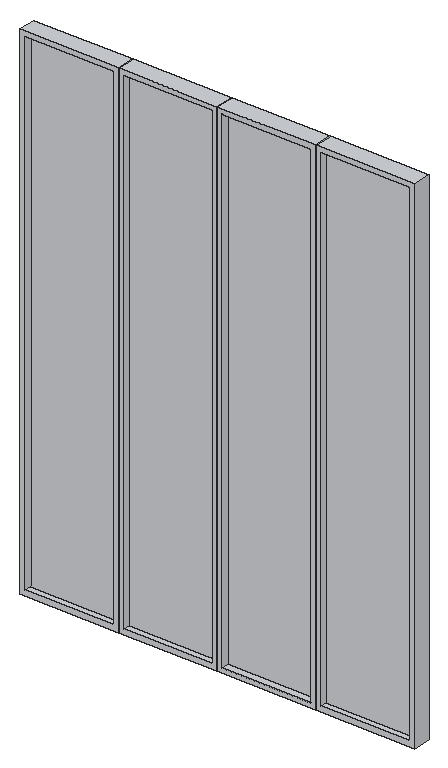
Revit family "DOOR_Double Glass Bifold_Curtain Wall", category Doors, Revit 2024
Family settings
  OmniClass Number = 23.30.10.00
  OmniClass Title = Doors
  Always vertical = Yes
  Cut with Voids When Loaded = No
  Shared = No
  Room Calculation Point = No
Parameters
  Thickness = 75.00 mm
  Offset_Positive = if(CWPL_$Offset > 0.00 mm, abs(CWPL_$Offset), 0.00 mm)  # 0.00 mm
  Offset_Negative [instance] = if(CWPL_$Offset < 0.00 mm, abs(CWPL_$Offset), 0.00 mm)  # 0.00 mm
  Leaf_Width [instance] = CWPL_$Width / 2  # 831.877 mm
  Glass_Thickness = 12.00 mm
  Glass_Offset = 30.00 mm
  Function = Interior
  Frame_Width = 20.00 mm
  EA_Repath [instance] = 0.00 mm
  Door_Angle [instance] = 45.00°
  Define Thermal Properties by = Schematic Type
  CWPL_$Width [instance] = 1663.754 mm
  CWPL_$Offset = 0.00 mm
  CWPL_$Height [instance] = 2133.60 mm
  Analytic Construction = "<None>"
Reference planes
  plane 1 "Center (Front/Back)": y = 0
  plane 2: z = 0
  plane 3 "Center (Left/Right)": x = 0
  plane 4: x = -831.877
  plane 5: x = 831.877
  plane 6 "Top": z = 2133.6
  plane 7 "Host": y = 0
  plane 8 "2": y = 0
  plane 9: x = -415.938
  plane 10: x = 415.938
  plane 11: y = -75
  plane 12 "Glass Face": y = -45
  plane 13: y = -33
  plane 14: z = 1066.8
Forms (mm)
  Extrusion 1, solid
    sketch origin (0, 0, 0) x (-1, 0, 0) y (0, 0, 1)
      loop
        line (-831.877, 2133.6) -> (-831.877, 0) -> (-415.938, 0) -> (-415.938, 2133.6) -> (-831.877, 2133.6)
      loop
        line (-811.877, 2113.6) -> (-811.877, 20) -> (-435.938, 20) -> (-435.938, 2113.6) -> (-811.877, 2113.6)
    from 0 to -75
  Extrusion 2, solid
    sketch origin (0, 0, 0) x (-1, 0, 0) y (0, 0, 1)
      loop
        line (-415.938, 2133.6) -> (-415.938, 0) -> (0, 0) -> (0, 2133.6) -> (-415.938, 2133.6)
      loop
        line (-395.938, 2113.6) -> (-395.938, 20) -> (-20, 20) -> (-20, 2113.6) -> (-395.938, 2113.6)
    from 0 to -75
  Extrusion 3, solid
    sketch origin (0, 0, 0) x (-1, 0, 0) y (0, 0, 1)
      loop
        line (0, 0) -> (415.938, 0) -> (415.938, 2133.6) -> (0, 2133.6) -> (0, 0)
      loop
        line (395.938, 2113.6) -> (20, 2113.6) -> (20, 20) -> (395.938, 20) -> (395.938, 2113.6)
    from 0 to -75
  Extrusion 4, solid
    sketch origin (0, 0, 0) x (-1, 0, 0) y (0, 0, 1)
      loop
        line (831.877, 2133.6) -> (415.938, 2133.6) -> (415.938, 0) -> (831.877, 0) -> (831.877, 2133.6)
      loop
        line (435.938, 2113.6) -> (435.938, 20) -> (811.877, 20) -> (811.877, 2113.6) -> (435.938, 2113.6)
    from 0 to -75
  Extrusion 5, solid
    sketch origin (0, -45, 0) x (-1, 0, 0) y (0, 0, 1)
      loop
        line (-811.877, 2113.6) -> (-811.877, 20) -> (-435.938, 20) -> (-435.938, 2113.6) -> (-811.877, 2113.6)
      loop
        line (-20, 2113.6) -> (-395.938, 2113.6) -> (-395.938, 20) -> (-20, 20) -> (-20, 2113.6)
      loop
        line (395.938, 20) -> (395.938, 2113.6) -> (20, 2113.6) -> (20, 20) -> (395.938, 20)
      loop
        line (811.877, 2113.6) -> (435.938, 2113.6) -> (435.938, 20) -> (811.877, 20) -> (811.877, 2113.6)
    from 0 to 12
Lines and regions (mm)
  symbolic lines, style "Elevation Swing"
    curve 1: line (0, -45, 2133.6) -> (415.938, -45, 1066.8)
    curve 2: line (415.938, -45, 1066.8) -> (0, -45, 0)
    curve 3: line (415.938, -45, 2133.6) -> (831.877, -45, 1066.8)
    curve 4: line (831.877, -45, 1066.8) -> (415.938, -45, 0)
    curve 5: line (0, -45, 2133.6) -> (-415.938, -45, 1066.8)
    curve 6: line (-415.938, -45, 1066.8) -> (0, -45, 0)
    curve 7: line (-415.938, -45, 2133.6) -> (-831.877, -45, 1066.8)
    curve 8: line (-831.877, -45, 1066.8) -> (-415.938, -45, 0)
  symbolic lines, not visible
    curve 9: line (540.113, 455, 1165.715) -> (680.113, 455, 1165.715)
    curve 10: line (680.113, 455, 1165.715) -> (651.829, 455, 1193.999)
    curve 11: line (680.113, 455, 1165.715) -> (651.829, 455, 1137.431)
  symbolic lines
    curve 12: line (553.908, 455, 1066.8) -> (693.908, 455, 1066.8)
    curve 13: line (693.908, 455, 1066.8) -> (665.623, 455, 1095.084)
    curve 14: line (693.908, 455, 1066.8) -> (665.623, 455, 1038.516)
    curve 15: line (137.969, 455, 1066.8) -> (277.969, 455, 1066.8)
    curve 16: line (277.969, 455, 1066.8) -> (249.685, 455, 1095.084)
    curve 17: line (277.969, 455, 1066.8) -> (249.685, 455, 1038.516)
    curve 18: line (-553.908, 455, 1066.8) -> (-693.908, 455, 1066.8)
    curve 19: line (-693.908, 455, 1066.8) -> (-665.623, 455, 1095.084)
    curve 20: line (-693.908, 455, 1066.8) -> (-665.623, 455, 1038.516)
    curve 21: line (-137.969, 455, 1066.8) -> (-277.969, 455, 1066.8)
    curve 22: line (-277.969, 455, 1066.8) -> (-249.685, 455, 1095.084)
    curve 23: line (-277.969, 455, 1066.8) -> (-249.685, 455, 1038.516)
  symbolic lines, style "InvisibleLines"
    curve 24: line (623.908, 455, 1066.8) -> (623.908, 455, 1080.231)
    curve 26: line (207.969, 455, 1066.8) -> (207.969, 455, 1080.231)
    curve 27: line (-623.908, 455, 1066.8) -> (-623.908, 455, 1080.231)
    curve 28: line (-207.969, 455, 1066.8) -> (-207.969, 455, 1080.231)
  symbolic lines, style "InvisibleLines", not visible
    curve 25: line (610.113, 455, 1165.715) -> (610.113, 455, 1179.146)
Text (mm)
  text "Exterior" at (-1161.5, 797.241, 0), in view "Ref. Level"
  text "WORKPLANE = HOST" at (949.305, 281.209, 0), in view "Ref. Level"
Dimensions and locks
  equal spacing: plane 4, plane 3 "Center (Left/Right)", plane 5
  "Offset_Negative": plane 8 "2" to plane 1 "Center (Front/Back)"
  "Offset_Positive": plane 7 "Host" to plane 8 "2"
  "CWPL_$Width": plane 4 to plane 5
  "CWPL_$Height": plane 2 to plane 6 "Top"
  equal spacing: plane 4, plane 9, plane 3 "Center (Left/Right)"
  equal spacing: plane 3 "Center (Left/Right)", plane 10, plane 5
  "Thickness": plane 7 "Host" to plane 11
  "Frame_Width": Extrusion 1 sketch curve to plane 5
  "Frame_Width": plane 10 to Extrusion 1 sketch curve
  "Frame_Width": Extrusion 1 sketch curve to plane 6 "Top"
  "Frame_Width": nested 1 to Extrusion 1 sketch curve
  "Frame_Width": Extrusion 2 sketch curve to plane 10
  "Frame_Width": Extrusion 2 sketch curve to plane 3 "Center (Left/Right)"
  "Frame_Width": plane 2 to Extrusion 2 sketch curve
  "Frame_Width": Extrusion 2 sketch curve to plane 6 "Top"
  "Frame_Width": plane 3 "Center (Left/Right)" to Extrusion 3 sketch curve
  "Frame_Width": plane 9 to Extrusion 3 sketch curve
  "Frame_Width": Extrusion 3 sketch curve to plane 6 "Top"
  "Frame_Width": plane 2 to Extrusion 3 sketch curve
  "Frame_Width": plane 4 to Extrusion 4 sketch curve
  "Frame_Width": plane 9 to Extrusion 4 sketch curve
  "Frame_Width": Extrusion 4 sketch curve to plane 6 "Top"
  "Frame_Width": plane 2 to Extrusion 4 sketch curve
  "Glass_Offset": plane 12 "Glass Face" to plane 11
  "Glass_Thickness": plane 13 to plane 12 "Glass Face"
  equal spacing: plane 2, plane 14, plane 6 "Top"
  equal spacing: plane 10, curve 24, plane 5
  equal spacing: nested 1, curve 26, plane 3 "Center (Left/Right)"
  equal spacing: plane 3 "Center (Left/Right)", curve 28, plane 9
  equal spacing: plane 9, curve 27, plane 4
  aligned and locked: level to plane 2
  aligned and locked: nested 1 to plane 7 "Host"
  aligned and locked: nested 1 to plane 10
  aligned and locked: nested 2 to plane 9
  aligned and locked: plane 6 "Top" to Extrusion 1 sketch curve
  aligned and locked: plane 2 to Extrusion 1 sketch curve
  aligned and locked: plane 5 to Extrusion 1 sketch curve
  aligned and locked: Extrusion 1 sketch curve to plane 10
  aligned and locked: plane 10 to Extrusion 2 sketch curve
  aligned and locked: Extrusion 2 sketch curve to plane 3 "Center (Left/Right)"
  aligned and locked: plane 2 to Extrusion 2 sketch curve
  aligned and locked: plane 6 "Top" to Extrusion 2 sketch curve
  aligned and locked: Extrusion 3 sketch curve to plane 2
  aligned and locked: Extrusion 3 sketch curve to plane 6 "Top"
  aligned and locked: Extrusion 3 sketch curve to plane 3 "Center (Left/Right)"
  aligned and locked: Extrusion 3 sketch curve to plane 9
  aligned and locked: plane 9 to Extrusion 4 sketch curve
  aligned and locked: plane 4 to Extrusion 4 sketch curve
  aligned and locked: Extrusion 4 sketch curve to plane 6 "Top"
  aligned and locked: Extrusion 4 sketch curve to plane 2
  aligned and locked: Extrusion 1 to plane 11
  aligned and locked: Extrusion 2 to plane 11
  aligned and locked: Extrusion 3 to plane 11
  aligned and locked: Extrusion 4 to plane 11
  aligned and locked: Extrusion 5 sketch curve to Extrusion 1  (x4)
  aligned and locked: Extrusion 5 sketch curve to Extrusion 2  (x4)
  aligned and locked: Extrusion 5 sketch curve to Extrusion 3  (x4)
  aligned and locked: Extrusion 5 sketch curve to Extrusion 4  (x4)
  aligned and locked: plane 13 to Extrusion 5
  aligned and locked: plane 14 to curve 12
  aligned and locked: plane 14 to curve 15
  aligned and locked: curve 21 to plane 14
  aligned and locked: curve 18 to plane 14
  aligned and locked: plane 7 "Host" to nested 2
Automatic sketch dimensions
  plane 5 to curve 3 = 0.00 mm
  curve 3 to plane 6 "Top" = 0.00 mm
  plane 10 to curve 3 = 0.00 mm
  plane 10 to curve 1 = 0.00 mm
  curve 4 to level = 0.00 mm
  plane 10 to curve 4 = 0.00 mm
  curve 6 to level = 0.00 mm
  curve 6 to plane 3 "Center (Left/Right)" = 0.00 mm
  plane 3 "Center (Left/Right)" to curve 5 = 0.00 mm
  curve 5 to plane 9 = 0.00 mm
  curve 7 to plane 6 "Top" = 0.00 mm
  curve 7 to plane 9 = 0.00 mm
  curve 8 to level = 0.00 mm
  curve 8 to plane 9 = 0.00 mm
  plane 4 to curve 7 = 0.00 mm
  curve 3 to plane 14 = 0.00 mm
  curve 2 to plane 14 = 0.00 mm
  curve 8 to plane 14 = 0.00 mm
  curve 5 to plane 14 = 0.00 mm
  curve 5 to plane 6 "Top" = 0.00 mm
  curve 24 to curve 24 = 13.431 mm
  curve 25 to curve 25 = 13.431 mm
  curve 26 to curve 26 = 13.431 mm
  curve 27 to curve 27 = 13.431 mm
  curve 28 to curve 28 = 13.431 mm
Nested families
  nested 1: "Nest_Action_Bifold_Glass" at (415.938, 0, 0), Door_Width <- "Leaf_Width", Frame_Width <- "Frame_Width", Glass_Offset <- "Glass_Offset", Glass_Thickness <- "Glass_Thickness", Door_Leaf_Thickness <- "Thickness", Door_Leaf_Swing_Angle <- "Door_Angle", Door_Height <- "CWPL_$Height", type "Nest_Action_Bifold_Glass"
    with Offset_Y 53.033 mm, Offset_X 53.033 mm, Glass_Thickness 12.00 mm, Glass_Offset 30.00 mm, Frame_Width 20.00 mm, Door_Width 831.877 mm, Door_Leaf_Thickness 75.00 mm, Door_Leaf_Swing_Angle 45.00°, Door_Height 2133.60 mm
  nested 2: "Nest_Action_Bifold_Glass" at (-415.938, 0, 0) x (-1, 0, 0) z (0, 0, 1), Door_Width <- "Leaf_Width", Frame_Width <- "Frame_Width", Glass_Offset <- "Glass_Offset", Glass_Thickness <- "Glass_Thickness", Door_Leaf_Thickness <- "Thickness", Door_Leaf_Swing_Angle <- "Door_Angle", Door_Height <- "CWPL_$Height", type "Nest_Action_Bifold_Glass"
    with Offset_Y 53.033 mm, Offset_X 53.033 mm, Glass_Thickness 12.00 mm, Glass_Offset 30.00 mm, Frame_Width 20.00 mm, Door_Width 831.877 mm, Door_Leaf_Thickness 75.00 mm, Door_Leaf_Swing_Angle 45.00°, Door_Height 2133.60 mm
Definition of nested family "Nest_Action_Bifold_Glass"
  Parameters (values of type "Nest_Action_Bifold_Glass")
    Offset_Y [instance] = Door_Leaf_Thickness * cos(Door_Leaf_Swing_Angle)  # 31.431 mm
    Offset_X [instance] = Door_Leaf_Thickness * sin(Door_Leaf_Swing_Angle)  # 31.431 mm
    Glass_Thickness [instance] = 6.35 mm
    Glass_Offset [instance] = 6.35 mm
    Frame_Width [instance] = 50.80 mm
    Door_Width [instance] = 914.40 mm
    Door_Leaf_Thickness [instance] = 44.45 mm
    Door_Leaf_Swing_Angle [instance] = 45.00°
    Door_Height [instance] = 2133.60 mm
    Analytic Construction = "<None>"
  Reference planes
    plane 1 "Center (Front/Back)": y = 0
    plane 2: z = 0
    plane 3 "Center (Left/Right)": x = 0
    plane 4: z = 2133.6
    plane 5 "Latch": x = -457.2
    plane 6 "Hinge": x = 457.2
    plane 7: x = 425.769
    plane 8: y = -31.431
  Lines and regions (mm)
    model lines
      curve 1: line (0, 0, 0) -> (0, 0, 2133.6)
  Dimensions and locks
    equal spacing: plane 5 "Latch", plane 3 "Center (Left/Right)", plane 6 "Hinge"
    "Door_Width": plane 5 "Latch" to plane 6 "Hinge"
    "Offset_Y": plane 1 "Center (Front/Back)" to plane 8
    "Offset_X": plane 7 to plane 6 "Hinge"
    "Door_Height": plane 4 to plane 2
    aligned and locked: plane 2 to level
    aligned and locked: plane 3 "Center (Left/Right)" to curve 1
    aligned and locked: level to curve 1
    aligned and locked: plane 4 to curve 1
    aligned and locked: nested 1 to plane 8
    aligned and locked: nested 1 to plane 7
  Nested families
    nested 1: "Bifold Symbol_Glass" at (-180.495, -31.431, 0), Door_$Leaf1_Swing_Angle <- "Door_Leaf_Swing_Angle", Door_$Leaf_Thickness <- "Door_Leaf_Thickness", Door_$Width <- "Door_Width", Frame_Width <- "Frame_Width", Glass_Offset <- "Glass_Offset", Glass_Thickness <- "Glass_Thickness", type "Bifold Symbol_Glass"
      with Panel_Angle 90.00°, Leaf1_Y 323.289 mm, Leaf1_X 323.289 mm, Glass_Thickness 6.35 mm, Glass_Offset 6.35 mm, Frame_Width 50.80 mm, Door_$Width 914.40 mm, Door_$Leaf_Thickness 44.45 mm, Door_$Leaf1_Width 457.20 mm, Door_$Leaf1_Swing_Angle 45.00°
  Definition of nested family "Bifold Symbol_Glass"
    Parameters (values of type "Bifold Symbol_Glass")
      Panel_Angle [instance] = 180.00° - (Door_$Leaf1_Swing_Angle * 2)  # 130.00°
      Leaf1_Y [instance] = Door_$Leaf1_Width * sin(Door_$Leaf1_Swing_Angle)  # 130.224 mm
      Leaf1_X [instance] = Door_$Leaf1_Width * cos(Door_$Leaf1_Swing_Angle)  # 279.266 mm
      Glass_Thickness [instance] = 6.35 mm
      Glass_Offset [instance] = 6.35 mm
      Frame_Width [instance] = 17.265 mm
      Door_$Width [instance] = 616.273 mm
      Door_$Leaf_Thickness [instance] = 44.45 mm
      Door_$Leaf1_Width [instance] = Door_$Width / 2  # 308.136 mm
      Door_$Leaf1_Swing_Angle [instance] = 25.00°
      Analytic Construction = "<None>"
    Reference planes
      plane 1 "Center (Front/Back)": y = 0
      plane 2: z = 0
      plane 3 "Center (Left/Right)": x = 0
      plane 4: x = -308.136
      plane 5: x = 308.136
      plane 6: y = 130.224
      plane 7: x = 28.87
    Lines and regions (mm)
      reference lines
        curve 1: line (308.136, 0, 0) -> (28.87, 130.224, 0)
        curve 5: line (28.87, 130.224, 0) -> (-250.396, 0, 0)
      symbolic lines
        curve 2: line (28.87, 130.224, 0) -> (308.136, 0, 0)
        curve 3: line (326.922, 40.285, 0) -> (308.136, 0, 0)
        curve 4: line (28.87, 130.224, 0) -> (47.655, 170.509, 0)
        curve 6: line (47.655, 170.509, 0) -> (326.922, 40.285, 0)
        curve 7: line (28.87, 130.224, 0) -> (-250.396, 0, 0)
        curve 8: line (-250.396, 0, 0) -> (-269.182, 40.285, 0)
        curve 9: line (-269.182, 40.285, 0) -> (10.085, 170.509, 0)
        curve 10: line (28.87, 130.224, 0) -> (10.085, 170.509, 0)
        curve 11: line (-234.749, 7.297, 0) -> (-253.534, 47.582, 0)
        curve 12: line (13.222, 122.927, 0) -> (-5.563, 163.213, 0)
        curve 13: line (44.518, 122.927, 0) -> (63.303, 163.213, 0)
        curve 14: line (311.274, 47.582, 0) -> (292.489, 7.297, 0)
        curve 15: line (10.539, 128.683, 0) -> (-237.432, 13.052, 0)
        curve 16: line (7.855, 134.438, 0) -> (-240.116, 18.807, 0)
        curve 17: line (47.201, 128.683, 0) -> (295.172, 13.052, 0)
        curve 18: line (49.885, 134.438, 0) -> (297.856, 18.807, 0)
    Dimensions and locks
      "Door_$Width": plane 4 to plane 5
      "Door_$Leaf1_Width": curve 1 to curve 1
      "Leaf1_X": plane 7 to plane 5
      "Leaf1_Y": plane 6 to plane 1 "Center (Front/Back)"
      "Door_$Leaf_Thickness": curve 6 to curve 1
      "Door_$Leaf1_Width": curve 5 to curve 5
      "Door_$Leaf_Thickness": curve 9 to curve 5
      "Glass_Offset": curve 15 to curve 5
      "Glass_Thickness": curve 16 to curve 15
      "Glass_Offset": curve 17 to curve 1
      "Glass_Thickness": curve 17 to curve 18
      "Frame_Width": curve 11 to curve 5
      "Frame_Width": curve 5 to curve 12
      "Frame_Width": curve 13 to curve 1
      "Frame_Width": curve 14 to curve 1
      "Door_$Leaf1_Swing_Angle": angle curve 1 to plane 1 "Center (Front/Back)"
      "Panel_Angle": angle curve 5 to curve 1
      aligned and locked: plane 2 to level
      aligned and locked: plane 5 to curve 1
      aligned and locked: plane 1 "Center (Front/Back)" to curve 1
      aligned and locked: curve 2 to curve 1
      aligned and locked: plane 7 to curve 5
      aligned and locked: plane 6 to curve 5
      aligned and locked: curve 5 to curve 7
      aligned and locked: curve 8 to curve 5
      aligned and locked: curve 10 to curve 5
    Automatic sketch dimensions
      curve 2 to curve 1 = 0.00 mm
      curve 1 to curve 4 = 0.00 mm
